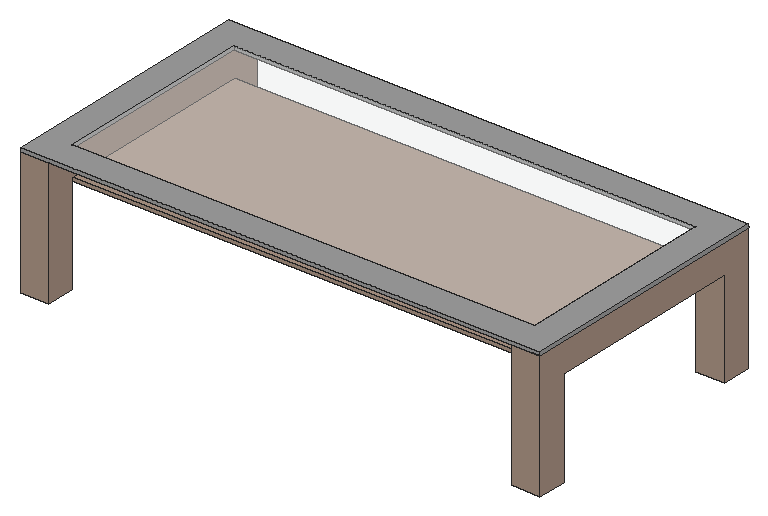
Revit family "3cdba880a97843b7958bbfc86c5bd63f", category Furniture, Revit 2021
Family settings
  OmniClass Number = 23.40.20.14.17.24
  OmniClass Title = Coffee Tables
  Seek Item ID = Table-Coffee-0000-USA-ENU
  Work Plane-Based = No
  Always vertical = Yes
  Cut with Voids When Loaded = No
  Shared = Yes
  Room Calculation Point = No
Parameters (values of type "36" x 72" x 18"")
  Top Material = Steel, Chrome Plated
  Frame Material = Wood - Teak
  Default Elevation = 0' - 0"
  Assembly Code = "E2020200"
  Height = 1' - 6"
  Length = 6' - 0"
  Width = 3' - 0"
Types (4): name | Top Material | Frame Material | Height | Length | Width
  (no name) | Steel, Chrome Plated | Wood - Teak | 1' - 6" | 6' - 0" | 3' - 0"
  24" x 24" x 24" | none | none | 2' - 0" | 2' - 0" | 2' - 0"
  31" x 28" x 24" | none | none | 2' - 4" | 2' - 0" | 2' - 7"
  36" x 72" x 18" | Steel, Chrome Plated | Wood - Teak | 1' - 6" | 6' - 0" | 3' - 0"
Reference planes (in)
  plane 1 "Center (Front/Back)": y = 3.74847
  plane 2: z = 0
  plane 3 "Center (Left/Right)": x = 0.71912
  plane 4 "Front": y = -14.25153
  plane 5 "Left": x = -35.28088
  plane 6 "Right": x = 36.71912
  plane 7 "Back": y = 21.74847
  plane 8 "Top": z = 18
Forms (in)
  Extrusion 1, solid, material "Steel, Chrome Plated" <- "Top Material"
    sketch origin (0, 0, 18) x (-1, 0, 0) y (0, -1, 0)
      loop
        line (35.28088, -21.74847) -> (35.28088, 14.25153) -> (-36.71912, 14.25153) -> (-36.71912, -21.74847) -> (35.28088, -21.74847)
      loop
        line (31.28088, -17.74847) -> (31.28088, 10.25153) -> (-32.71912, 10.25153) -> (-32.71912, -17.74847) -> (31.28088, -17.74847)
    from 0 to -0.5
  Extrusion 2, solid, material "Glass - Clear, Grey"
    sketch origin (0, 0, 18) x (-1, 0, 0) y (0, -1, 0)
      loop
        line (31.28088, -17.74847) -> (31.28088, 10.25153) -> (-32.71912, 10.25153) -> (-32.71912, -17.74847) -> (31.28088, -17.74847)
    from 0 to -0.5
  Extrusion 3, solid, material "Wood - Teak" <- "Frame Material"
    sketch origin (-35.28088, 0, 0) x (0, 0, -1) y (0, -1, 0)
      loop
        line (0, -21.74847) -> (0, -17.74847) -> (-13.5, -17.74847) -> (-13.5, 10.25153) -> (0, 10.25153) -> (0, 14.25153) -> (-17.5, 14.25153) -> (-17.5, -21.74847) -> (0, -21.74847)
    from 0 to -4
  Extrusion 4, solid, material "Wood - Teak" <- "Frame Material"
    sketch origin (36.71912, 0, 0) x (0, 0, -1) y (0, -1, 0)
      loop
        line (0, -17.74847) -> (-13.5, -17.74847) -> (-13.5, 10.25153) -> (0, 10.25153) -> (0, 14.25153) -> (-17.5, 14.25153) -> (-17.5, -21.74847) -> (0, -21.74847) -> (0, -17.74847)
    from 0 to 4
  Extrusion 5, solid, material "Wood - Teak" <- "Frame Material"
    sketch origin (0, 0, 18) x (-1, 0, 0) y (0, -1, 0)
      loop
        line (31.28088, -17.74847) -> (31.28088, 10.25153) -> (-32.71912, 10.25153) -> (-32.71912, -17.74847) -> (31.28088, -17.74847)
    from -4 to -4.5
Lines and regions (in)
  Masking region 1
    outline origin (0, 0, 0) x (1, 0, 0) y (0, 1, 0)
      loop
        line (-35.28088, 21.74847) -> (-35.28088, -14.25153) -> (36.71912, -14.25153) -> (36.71912, 21.74847) -> (-35.28088, 21.74847)
  symbolic lines, style "Furniture"
    curve 1: line (-31.28088, 17.74847, 0) -> (32.71912, 17.74847, 0)
    curve 2: line (-31.28088, -10.25153, 0) -> (-31.28088, 17.74847, 0)
    curve 3: line (32.71912, -10.25153, 0) -> (-31.28088, -10.25153, 0)
    curve 4: line (32.71912, 17.74847, 0) -> (32.71912, -10.25153, 0)
Dimensions and locks (in)
  equal spacing: plane 5 "Left", plane 3 "Center (Left/Right)", plane 6 "Right"
  "Length": plane 5 "Left" to plane 6 "Right"
  equal spacing: plane 4 "Front", plane 1 "Center (Front/Back)", plane 7 "Back"
  "Width": plane 4 "Front" to plane 7 "Back"
  "Height": plane 2 to plane 8 "Top"
  locked: Extrusion 1 sketch curve to plane 7 "Back" at 4
  locked: Extrusion 1 sketch curve to plane 4 "Front" at 4
  locked: Extrusion 3 sketch curve to plane 8 "Top" at 4.5
  locked: Extrusion 4 sketch curve to plane 8 "Top" at 4.5
  aligned and locked: level to plane 2
  aligned and locked: Extrusion 2 sketch curve to Extrusion 1  (x4)
  aligned and locked: Extrusion 1 to Extrusion 5 sketch curve
  aligned and locked: Extrusion 5 sketch curve to Extrusion 2  (x3)
  aligned and locked: plane 6 "Right" to Masking region 1 sketch curve
  aligned and locked: plane 7 "Back" to Masking region 1 sketch curve
  aligned and locked: Masking region 1 sketch curve to plane 5 "Left"
  aligned and locked: Masking region 1 sketch curve to plane 4 "Front"
Automatic sketch dimensions
  Extrusion 1 sketch curve to plane 6 "Right" = 0' - 0"
  Extrusion 1 sketch curve to plane 4 "Front" = 0' - 0"
  Extrusion 1 sketch curve to plane 5 "Left" = 0' - 0"
  Extrusion 1 sketch curve to plane 7 "Back" = 0' - 0"
  plane 6 "Right" to Extrusion 1 sketch curve = 0' - 4"
  Extrusion 1 sketch curve to plane 5 "Left" = 0' - 4"
  Extrusion 3 sketch curve to plane 7 "Back" = 0' - 0"
  Extrusion 3 sketch curve to plane 4 "Front" = 0' - 0"
  Extrusion 3 sketch curve to level = 0' - 0"  (x2)
  plane 8 "Top" to Extrusion 3 sketch curve = 0' - 0 1/2"
  Extrusion 3 sketch curve to Extrusion 3 sketch curve = 0' - 4"  (x2)
  Extrusion 4 sketch curve to plane 4 "Front" = 0' - 0"
  Extrusion 4 sketch curve to plane 7 "Back" = 0' - 0"
  Extrusion 4 sketch curve to level = 0' - 0"  (x2)
  Extrusion 4 sketch curve to plane 4 "Front" = 0' - 4"
  plane 8 "Top" to Extrusion 4 sketch curve = 0' - 0 1/2"
  plane 7 "Back" to Extrusion 4 sketch curve = 0' - 4"
  curve 3 to plane 4 "Front" = 0' - 4"
  plane 6 "Right" to curve 4 = 0' - 4"
  curve 2 to plane 5 "Left" = 0' - 4"
  plane 7 "Back" to curve 2 = 0' - 4"
